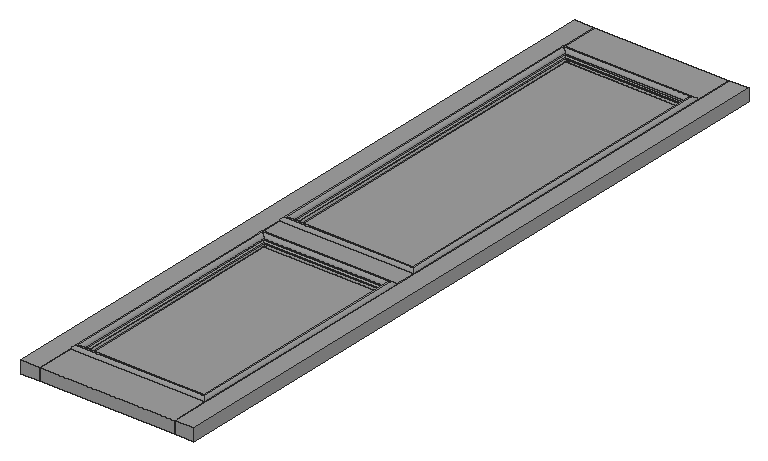
Revit family "Artisan Drop Panel", category Generic Models, Revit 2017
Family settings
  Can host rebar = No
  Round Connector Dimension = Use Diameter
  Part Type = Normal
  Work Plane-Based = Yes
  Always vertical = No
  Cut with Voids When Loaded = No
  Shared = No
  Room Calculation Point = No
Parameters
  URL = "www.newhorizonshutters.com"
  Type Comments = "****All shutter dimensions and configurations to be approved by NHSI****"
  Top Rail = 0' - 4"
  Shutter Width = 1' - 6"
  Shutter Thickness = 0' - 1 1/4"
  Shutter Height = 6' - 0"
  Model = "Artisan Drop Panel"
  Mid Rail Height = 2' - 6"
  Mid Rail = 0' - 2 1/4"
  Manufacturer = "New Horizon Shutters"
  Finish Color = Default
  Default Elevation = 4' - 0"
  Bottom Rail = 0' - 4"
Reference planes (in)
  plane 1 "Center (Front/Back)": y = 0
  plane 2: z = 0
  plane 3 "Center (Left/Right)": x = 0
  plane 4: x = -9
  plane 5: x = 9
  plane 6: y = 72
  plane 7: y = 4
  plane 8: y = 68
  plane 9: z = 1.25
  plane 10: z = 0.625
  plane 11: x = -7
  plane 12: x = 7
  plane 13: y = 30
  plane 14: y = 31.125
  plane 15: y = 28.875
  plane 16: z = 1.14492
Forms (in)
  Extrusion 1, solid, material "Default" <- "Finish Color"
    sketch origin (0, 0, 0) x (1, 0, 0) y (0, 1, 0)
      loop
        line (-9, 72) -> (-9, 0) -> (-7, 0) -> (-7, 72) -> (-9, 72)
    from 0 to 1.25
  Extrusion 2, solid, material "Default" <- "Finish Color"
    sketch origin (0, 0, 0) x (-1, 0, 0) y (0, -1, 0)
      loop
        line (-9, -72) -> (-7, -72) -> (-7, 0) -> (-9, 0) -> (-9, -72)
    from 0 to 1.25
  Extrusion 3, solid, material "Default" <- "Finish Color"
    sketch origin (0, 0, 0) x (1, 0, 0) y (0, 1, 0)
      loop
        line (-7, 4) -> (-7, 0) -> (7, 0) -> (7, 4) -> (-7, 4)
    from 0 to 1.25
  Extrusion 4, solid, material "Default" <- "Finish Color"
    sketch origin (0, 0, 0) x (1, 0, 0) y (0, 1, 0)
      loop
        line (-7, 72) -> (-7, 68) -> (7, 68) -> (7, 72) -> (-7, 72)
    from 0 to 1.25
  Extrusion 5, solid, material "Default" <- "Finish Color"
    sketch origin (0, 0, 0) x (1, 0, 0) y (0, 1, 0)
      loop
        line (-7, 31.125) -> (-7, 28.875) -> (7, 28.875) -> (7, 31.125) -> (-7, 31.125)
    from 0 to 1.25
  Extrusion 6, solid, material "Default" <- "Finish Color"
    sketch origin (0, 0, 0) x (1, 0, 0) y (0, 1, 0)
      loop
        line (-7, 28.875) -> (-7, 4) -> (7, 4) -> (7, 28.875) -> (-7, 28.875)
      loop
        line (-7, 31.125) -> (7, 31.125) -> (7, 68) -> (-7, 68) -> (-7, 31.125)
    from 0 to 0.625
  Sweep 7, solid, material "Default" <- "Finish Color"
    path origin (0, 0, 0) x (1, 0, 0) y (0, 1, 0)
      loop
        line (-7, 31.125) -> (7, 31.125) -> (7, 68) -> (-7, 68) -> (-7, 31.125)
    profile origin (0, 31.125, 0) x (0, 1, 0) y (0, 0, 1)
      loop
        line (0.75, 1.03892) -> (0.75, 1.18292)
        arc (0.75, 1.18292) -> (0.62031, 1.40854) -> (0.375, 1.49542) r 0.375
        arc (0.375, 1.49542) -> (0.12969, 1.40854) -> (0, 1.18292) r 0.375
        line (0, 1.18292) -> (0, 0.625) -> (1.048, 0.625) -> (1.048, 0.67092)
        arc (1.048, 0.67092) -> (1.01028, 0.77381) -> (0.918, 0.83292) r 0.17169
        line (0.918, 0.83292) -> (0.918, 0.89492)
        arc (0.918, 0.89492) -> (0.80782, 0.93638) -> (0.75, 1.03892) r 0.17226
  Sweep 8, solid, material "Default" <- "Finish Color"
    path origin (0, 0, 0) x (1, 0, 0) y (0, 1, 0)
      loop
        line (-7, 4) -> (7, 4) -> (7, 28.875) -> (-7, 28.875) -> (-7, 4)
    profile origin (0, 4, 0) x (0, 1, 0) y (0, 0, 1)
      loop
        line (0.75, 1.03892) -> (0.75, 1.18292)
        arc (0.75, 1.18292) -> (0.62031, 1.40854) -> (0.375, 1.49542) r 0.375
        arc (0.375, 1.49542) -> (0.12969, 1.40854) -> (0, 1.18292) r 0.375
        line (0, 1.18292) -> (0, 0.625) -> (1.048, 0.625) -> (1.048, 0.67092)
        arc (1.048, 0.67092) -> (1.01028, 0.77381) -> (0.918, 0.83292) r 0.17169
        line (0.918, 0.83292) -> (0.918, 0.89492)
        arc (0.918, 0.89492) -> (0.80782, 0.93638) -> (0.75, 1.03892) r 0.17226
Dimensions and locks (in)
  equal spacing: plane 4, plane 3 "Center (Left/Right)", plane 5
  "Shutter Width": plane 4 to plane 5
  "Shutter Height": plane 1 "Center (Front/Back)" to plane 6
  "Top Rail": plane 6 to plane 8
  "Bottom Rail": plane 1 "Center (Front/Back)" to plane 7
  equal spacing: plane 9, plane 10, level
  "Shutter Thickness": plane 9 to level
  plane 1 "Center (Front/Back)" to Extrusion 1 = 6' - 0"
  locked: plane 4 to plane 11 at 2
  locked: plane 12 to plane 5 at 2
  "Mid Rail Height": plane 1 "Center (Front/Back)" to plane 13
  equal spacing: plane 14, plane 13, plane 15
  "Mid Rail": plane 14 to plane 15
  aligned and locked: plane 2 to level
  aligned and locked: Extrusion 1 sketch curve to plane 6
  aligned and locked: plane 4 to Extrusion 1 sketch curve
  aligned and locked: Extrusion 1 sketch curve to plane 1 "Center (Front/Back)"
  aligned and locked: Extrusion 1 sketch curve to plane 11
  aligned and locked: Extrusion 1 to level
  aligned and locked: plane 9 to Extrusion 1
  aligned and locked: plane 12 to Extrusion 2 sketch curve
  aligned and locked: Extrusion 3 sketch curve to plane 7
  aligned and locked: plane 11 to Extrusion 3 sketch curve
  aligned and locked: Extrusion 3 sketch curve to Extrusion 2
  aligned and locked: Extrusion 2 to Extrusion 3 sketch curve
  aligned and locked: Extrusion 3 to level
  aligned and locked: plane 9 to Extrusion 3
  aligned and locked: Extrusion 4 sketch curve to Extrusion 1
  aligned and locked: plane 11 to Extrusion 4 sketch curve
  aligned and locked: plane 8 to Extrusion 4 sketch curve
  aligned and locked: plane 12 to Extrusion 4 sketch curve
  aligned and locked: Extrusion 4 to level
  aligned and locked: plane 9 to Extrusion 4
  aligned and locked: Extrusion 2 to level
  aligned and locked: plane 9 to Extrusion 2
  aligned and locked: Extrusion 5 sketch curve to plane 14
  aligned and locked: plane 11 to Extrusion 5 sketch curve
  aligned and locked: plane 15 to Extrusion 5 sketch curve
  aligned and locked: plane 12 to Extrusion 5 sketch curve
  aligned and locked: Extrusion 5 to level
  aligned and locked: plane 9 to Extrusion 5
  aligned and locked: Extrusion 6 sketch curve to Extrusion 5  (x4)
  aligned and locked: Extrusion 6 sketch curve to Extrusion 3  (x2)
  aligned and locked: Extrusion 6 sketch curve to Extrusion 4  (x2)
  aligned and locked: Extrusion 6 to level
  aligned and locked: plane 10 to Extrusion 6
  aligned and locked: Sweep 7 sketch curve to Extrusion 5
  aligned and locked: Sweep 7 sketch curve to Extrusion 6  (x2)
  aligned and locked: Sweep 7 sketch curve to Extrusion 4
  aligned and locked: Sweep 8 sketch curve to Extrusion 3
  aligned and locked: Sweep 8 sketch curve to Extrusion 6  (x2)
  aligned and locked: Sweep 8 sketch curve to Extrusion 5
Automatic sketch dimensions
  plane 1 "Center (Front/Back)" to Extrusion 2 sketch curve = 0' - 0"
  Extrusion 2 sketch curve to plane 5 = 0' - 0"
  Extrusion 2 sketch curve to plane 6 = 0' - 0"
  Sweep 7 sketch curve to Sweep 7 sketch curve = 0' - 0.36976"  (x2)
  Sweep 7 sketch curve to Sweep 7 sketch curve = 0' - 0.01048"
  Sweep 7 sketch curve to Sweep 7 sketch curve = 0' - 0.12637"
  Sweep 7 sketch curve to Sweep 7 sketch curve = 0' - 0.168"
  Sweep 7 sketch curve to Sweep 7 sketch curve = 0' - 0.16993"
  Sweep 7 sketch curve to Sweep 7 sketch curve = 0' - 0.17163"
  level to Sweep 7 sketch curve = 0' - 0 5/8"
  Sweep 7 sketch curve to Sweep 7 sketch curve = 0' - 0.04135"
  Sweep 7 sketch curve to Sweep 7 sketch curve = 0' - 0.04592"
  Sweep 7 sketch curve to Sweep 7 sketch curve = 0' - 0.062"
  Sweep 7 sketch curve to Sweep 7 sketch curve = 0' - 0.144"  (x2)
  Sweep 7 sketch curve to Sweep 7 sketch curve = 0' - 0.08154"
  Sweep 7 sketch curve to Sweep 7 sketch curve = 0' - 0"
  Sweep 7 sketch curve to Sweep 7 sketch curve = 0' - 0.06246"
  Sweep 7 sketch curve to profile plane = 0' - 0"
  Sweep 8 sketch curve to Sweep 8 sketch curve = 0' - 0.36976"  (x2)
  Sweep 8 sketch curve to Sweep 8 sketch curve = 0' - 0.01048"
  Sweep 8 sketch curve to Sweep 8 sketch curve = 0' - 0.12637"
  Sweep 8 sketch curve to Sweep 8 sketch curve = 0' - 0.168"
  Sweep 8 sketch curve to Sweep 8 sketch curve = 0' - 0.00193"
  Sweep 8 sketch curve to Sweep 8 sketch curve = 0' - 0.17163"
  level to Sweep 8 sketch curve = 0' - 0 5/8"
  Sweep 8 sketch curve to Sweep 8 sketch curve = 0' - 0.04135"
  Sweep 8 sketch curve to Sweep 8 sketch curve = 0' - 0.04592"
  Sweep 8 sketch curve to Sweep 8 sketch curve = 0' - 0.062"
  Sweep 8 sketch curve to Sweep 8 sketch curve = 0' - 0.144"  (x2)
  Sweep 8 sketch curve to Sweep 8 sketch curve = 0' - 0.08154"
  Sweep 8 sketch curve to Sweep 8 sketch curve = 0' - 0"
  Sweep 8 sketch curve to Sweep 8 sketch curve = 0' - 0.06246"
  Sweep 8 sketch curve to profile plane = 0' - 0"
